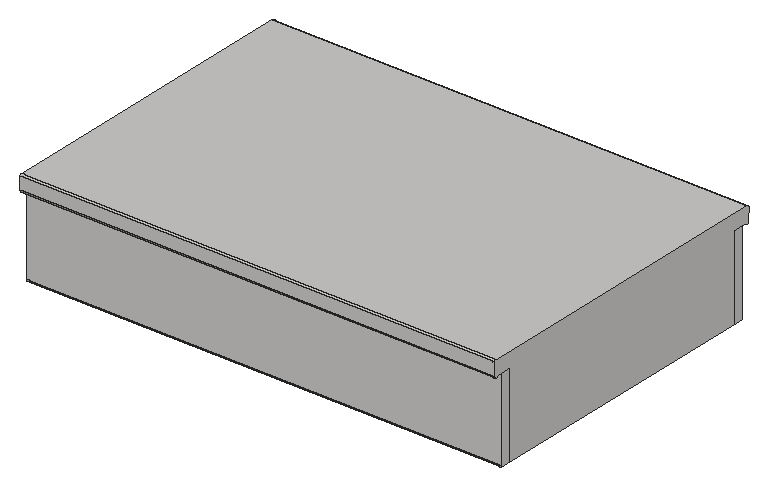
Revit family "QF_ELECTROLUXPROFESSIONAL_588122_MANABAKOOO", category Specialty Equipment, Revit 2018
Family settings
  Round Connector Dimension = Use Diameter
  Part Type = Normal
  Work Plane-Based = No
  Always vertical = Yes
  Cut with Voids When Loaded = No
  Shared = No
  Room Calculation Point = No
Parameters
  Weight in Pounds = 66.13
  URL Cutsheet = "www.electrolux.com/professional"
  URL = "www.electrolux.com/professional"
  Type Mark [instance] = ""
  Status [instance] = ""
  Specification by User [instance] = ""
  Specification by Manufacturer = ""
  Serial Number = ""
  Seismic Rating = ""
  SMACNA No = ""
  Revision Code [instance] = ""
  Omniclass Number and Title = ""
  NAFEM Spec ID Number = ""
  Model = "588122"
  Masterspec = ""
  Manufacturer = "ELECTROLUX"
  Item Number [instance] = ""
  Installed By [instance] = ""
  Identify Quantity as Lot [instance] = yes
  Furnished By [instance] = ""
  Foodservice Equipment Identifier [instance] = yes
  Direct Waste Size = 0"
  Description = "CLOSED WORK TOP,1-SIDE,1200X800X250H"
  CSI MasterFormat = ""
  CSI Master Format = ""
Reference planes
  plane 1 "BACK": y = 0
  plane 2: z = 0
  plane 3 "LEFT": x = 0
  plane 4 "RIGHT": x = 1200
  plane 5 "FRONT": y = -800
  plane 6 "TOP": z = 250
  plane 7 "Center Y": x = 600
  plane 8 "Center X": y = -400
Forms (mm)
  Extrusion 1, solid, material "QF_Finishes_Stainless Steel"
    sketch origin (0, 50.048, 0) x (0, 1, 0) y (0, 0, 1)
      loop
        line (-95.048, 213) -> (-71.412, 213) -> (-54.743, 210.061)
        arc (-54.743, 210.061) -> (-51.477, 210.936) -> (-50.048, 214) r 4
        line (-50.048, 214) -> (-50.048, 246)
        arc (-50.048, 246) -> (-51.22, 248.828) -> (-54.048, 250) r 4
        line (-54.048, 250) -> (-846.048, 250)
        arc (-846.048, 250) -> (-848.877, 248.828) -> (-850.048, 246) r 4
        line (-850.048, 246) -> (-850.048, 214)
        arc (-850.048, 214) -> (-848.619, 210.936) -> (-845.353, 210.061) r 4
        line (-845.353, 210.061) -> (-828.509, 213) -> (-805.048, 213) -> (-805.048, 0) -> (-95.048, 0) -> (-95.048, 213)
    from 0 to 1200
  Extrusion 2, solid, material "QF_Finishes_Stainless Steel"
    sketch origin (0, 50.048, 0) x (0, 1, 0) y (0, 0, 1)
      loop
        arc (-828.048, 213) -> (-829.462, 212.414) -> (-830.048, 211) r 2
        line (-830.048, 211) -> (-830.048, 2)
        arc (-830.048, 2) -> (-829.462, 0.586) -> (-828.048, 0) r 2
        line (-828.048, 0) -> (-805.048, 0) -> (-805.048, 213) -> (-828.048, 213)
      loop
        line (-72.048, 213) -> (-95.048, 213) -> (-95.048, 0) -> (-72.048, 0)
        arc (-72.048, 0) -> (-70.634, 0.586) -> (-70.048, 2) r 2
        line (-70.048, 2) -> (-70.048, 211)
        arc (-70.048, 211) -> (-70.634, 212.414) -> (-72.048, 213) r 2
    from 0 to 1200
Lines and regions (mm)
  symbolic lines
    curve 1: line (0, 0, 0) -> (1200, 0, 0)
    curve 2: line (0, -800, 0) -> (0, 0, 0)
    curve 3: line (1200, -800, 0) -> (0, -800, 0)
    curve 4: line (1200, 0, 0) -> (1200, -800, 0)
Dimensions and locks
  equal spacing: plane 3 "LEFT", plane 7 "Center Y", plane 4 "RIGHT"
  plane 3 "LEFT" to plane 4 "RIGHT" = 1200.00 mm
  equal spacing: plane 5 "FRONT", plane 8 "Center X", plane 1 "BACK"
  plane 5 "FRONT" to plane 1 "BACK" = 800.00 mm
  plane 6 "TOP" to level = 250.00 mm
  aligned and locked: level to plane 2
  aligned and locked: Extrusion 1 to plane 4 "RIGHT"
  aligned and locked: Extrusion 2 to plane 4 "RIGHT"
Automatic sketch dimensions
  Extrusion 1 sketch curve to plane 6 "TOP" = 0.00 mm
  Extrusion 1 sketch curve to level = 0.00 mm
  Extrusion 1 sketch curve to plane 6 "TOP" = 36.00 mm
  plane 5 "FRONT" to Extrusion 1 sketch curve = 0.00 mm
  Extrusion 1 sketch curve to plane 6 "TOP" = 39.939 mm
  Extrusion 1 sketch curve to Extrusion 1 sketch curve = 4.00 mm
  Extrusion 1 sketch curve to Extrusion 1 sketch curve = 4.695 mm  (x2)
  Extrusion 1 sketch curve to Extrusion 1 sketch curve = 16.844 mm
  Extrusion 1 sketch curve to plane 5 "FRONT" = 45.00 mm
  plane 1 "BACK" to Extrusion 1 sketch curve = 45.00 mm
  Extrusion 1 sketch curve to Extrusion 1 sketch curve = 23.636 mm
  Extrusion 1 sketch curve to Extrusion 1 sketch curve = 17.364 mm
  Extrusion 1 sketch curve to Extrusion 1 sketch curve = 21.364 mm
  Extrusion 1 sketch curve to Extrusion 1 sketch curve = 0.00 mm  (x2)
  Extrusion 1 sketch curve to Extrusion 1 sketch curve = 0.695 mm
  Extrusion 1 sketch curve to plane 6 "TOP" = 37.00 mm  (x2)
  Extrusion 1 sketch curve to Extrusion 1 sketch curve = 1.00 mm
  Extrusion 2 sketch curve to level = 0.00 mm  (x2)
  level to Extrusion 2 sketch curve = 2.00 mm  (x2)
  Extrusion 2 sketch curve to plane 5 "FRONT" = 20.00 mm
  Extrusion 2 sketch curve to Extrusion 2 sketch curve = 2.00 mm
  Extrusion 2 sketch curve to Extrusion 2 sketch curve = 23.00 mm
  plane 1 "BACK" to Extrusion 2 sketch curve = 45.00 mm
  plane 1 "BACK" to Extrusion 2 sketch curve = 22.00 mm  (x2)
  Extrusion 2 sketch curve to plane 6 "TOP" = 39.00 mm  (x2)
  curve 3 to plane 3 "LEFT" = 0.00 mm
  curve 3 to plane 4 "RIGHT" = 0.00 mm
  plane 1 "BACK" to curve 2 = 0.00 mm
  curve 4 to plane 5 "FRONT" = 0.00 mm
